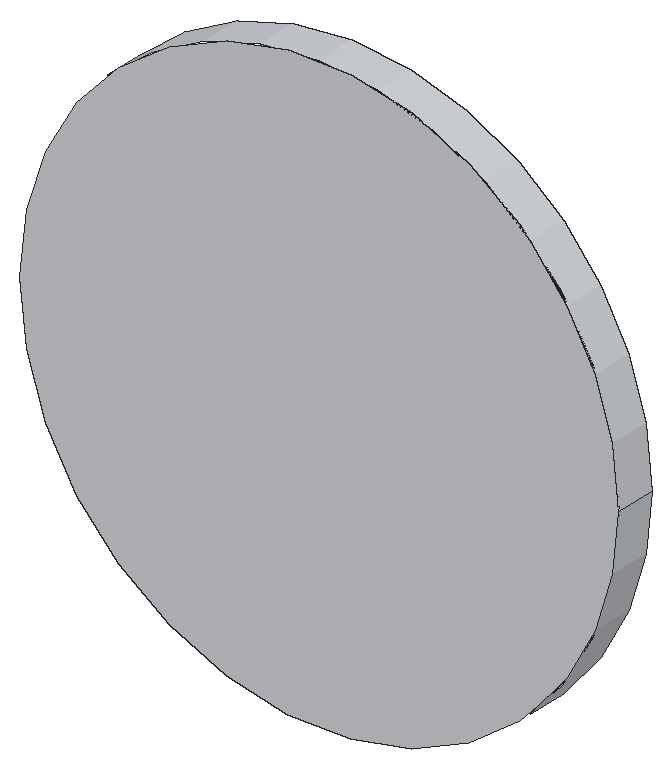
Revit family "RM-23", category Plumbing Fixtures, Revit 2014
Parameters (values of type "RM-23")
  URL = "http://helvex.com/contenido.php?producto=709"
  Type Comments = "Hand Showers"
  Total Width = 10"
  Total Length = 22.8"
  Total Depth = 2"
  Plastic Showerhead = Plastic
  Model = "RM-23"
  Min. Working Pressure = 0.66 psi
  Min. Water Flow = 14.22 GPM
  Max. Working Pressure = 2.64 psi
  Max. Water Flow = 85.34 GPM
  Manufacturer = "HELVEX"
  Instructive = "http://helvex.com/productos/instructivos/RM-23.pdf"
  Inlet Threads = "½\" - 14 NPT"
  Features = "Shower Medium And High Pressure; Semi-Recessed Fixture; Setting Kit Included; Adjustable Height Mechanism Fixed Jet; Length Hose 59\" (1,5 m); With Antiscale System"
  Description = "Slide Height Shower With Antiscale System"
  Data Sheet = "http://helvex.com/productos/fichas/RM-23.pdf"
  Certification = "http://helvex.com/productos/vistas/RM-23.pdf"
  Brass Chromed = Brass
Reference planes (in)
  plane 1 "Center (Front/Back)": y = 0
  plane 2: z = 0
  plane 3 "Center (Left/Right)": x = 0
  plane 4: z = 74.8
Forms (in)
  Extrusion 1, solid
    sketch origin (0, 0, 0) x (1, 0, 0) y (0, 0, 1)
      loop
        circle (0, 74.8) r 0.25
    from 0 to -0.03435
Dimensions and locks (in)
  locked: plane 4 to plane 2 at 74.8
  aligned and locked: level to plane 2
Connectors (in)
  piping at (0, 0.03435, 74.8), diameter 0.5
    settings: on Extrusion 1, index 1, connector inside diameter 609.6 mm, connector length 0", flow factor 0, pipe flow 0.0 GPM, pressure drop 0.0 psi, fitting loss kfactor 0, connector angle 0.00°, fixture units 0, engagement length 0", angle of deflection 0.00°, flow configuration 2, flow direction 1, fitting loss method 0, system type 16, joint type 0, gender type 0, connector reference index -1, connector utility 0, adjustable connector no, is connector primary yes, connector description ""
